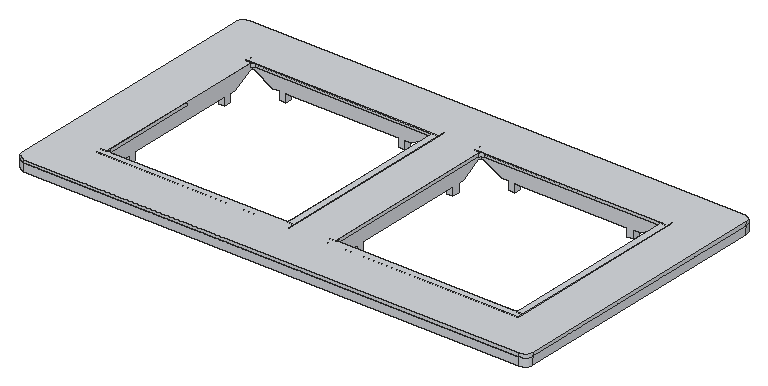
Revit family "Gira_0212255", category Electrical Fixtures, host Face, Revit 2017
Family settings
  Host = Face
  Maintain Annotation Orientation = No
  Round Connector Dimension = Use Diameter
  Part Type = Normal
  Cut with Voids When Loaded = No
  Shared = No
  Room Calculation Point = No
Parameters (values of type "Abdeckrahmen 2f flach Gira E2 F Alu")
  Werkstoffgüte = "Thermoplast"
  Werkstoff = "Kunststoff"
  URL = "http://katalog.gira.de/de_DE/datenblatt.html?artikelnr=0212255"
  Transparent = "No"
  Textfeld/Beschriftungsfläche = "No"
  Schutzart (IP) = "IP20"
  Region = "DE"
  Oberfläche = "sonstige"
  Name = "Abdeckrahmen 2f flach Gira E2 F Alu"
  Montagerichtung = "horizontal und vertikal"
  Mit Montagerahmen = "No"
  Mit Klappdeckel = "No"
  Manufacturer URL = "https://www.gira.de/"
  Keynote = "E2flach_Rahmen_2fach"
  HeinzeBIM = "https://bimportal.heinze.de/bim/abdeckrahmen-2f-flach-gira-e2-f-alu/f57590d5ea9ea23d14b149286f721556de40f322"
  Halogenfrei = "Yes"
  HAN = "0212255"
  Geeignet für Unterputz-Installation = "Yes"
  Geeignet für Unterflurkanaldose = "No"
  Geeignet für Geräteeinbaukanal = "No"
  Geeignet für Einbauinstallation = "No"
  GTIN = "4010337021339"
  Farbe = "aluminium"
  Default Elevation = 1219.2 mm
  Data sheet (1) = "https://katalog.gira.de/de_DE/download.html?artikelnr=0212255"
  Category = "Abdeckrahmen"
  Befestigungsart = "Klemmbefestigung"
  Available = "Yes"
  Anzahl der Einheiten vertikal = "2 "
  Anzahl der Einheiten horizontal = "2 "
  Anzahl der Einheiten = "2 "
Reference planes
  plane 1 "Center (Front/Back)": y = 0
  plane 2: z = 0
  plane 3 "Center (Left/Right)": x = 0
Forms (mm)
  Extrusion 1, solid, detail levels fine
    sketch origin (0, 0, 0) x (1, 0, 0) y (0, 1, 0)
      loop
        arc (-77, 43.9) -> (-78.768, 43.168) -> (-79.5, 41.4) r 2.5
        line (-79.5, 41.4) -> (-79.5, -41.4)
        arc (-79.5, -41.4) -> (-78.768, -43.168) -> (-77, -43.9) r 2.5
        line (-77, -43.9) -> (77, -43.9)
        arc (77, -43.9) -> (78.768, -43.168) -> (79.5, -41.4) r 2.5
        line (79.5, -41.4) -> (79.5, 41.4)
        arc (79.5, 41.4) -> (78.768, 43.168) -> (77, 43.9) r 2.5
        line (77, 43.9) -> (-77, 43.9)
      loop
        spline (-63.744, -27.245) -> (-63.736, -27.363) -> (-63.713, -27.478) -> (-63.675, -27.589) -> (-63.623, -27.695) -> (-63.558, -27.792) -> (-63.481, -27.881) -> (-63.392, -27.958) -> (-63.295, -28.023) -> (-63.189, -28.075) -> (-63.078, -28.113) -> (-62.963, -28.136) -> (-62.845, -28.144)
        line (-62.845, -28.144) -> (-8.355, -28.144)
        spline (-8.355, -28.144) -> (-8.237, -28.136) -> (-8.122, -28.113) -> (-8.011, -28.075) -> (-7.905, -28.023) -> (-7.808, -27.958) -> (-7.719, -27.881) -> (-7.642, -27.792) -> (-7.577, -27.695) -> (-7.525, -27.589) -> (-7.487, -27.478) -> (-7.464, -27.363) -> (-7.456, -27.245)
        line (-7.456, -27.245) -> (-7.456, 27.245)
        spline (-7.456, 27.245) -> (-7.464, 27.363) -> (-7.487, 27.478) -> (-7.525, 27.589) -> (-7.577, 27.695) -> (-7.642, 27.792) -> (-7.719, 27.881) -> (-7.808, 27.958) -> (-7.905, 28.023) -> (-8.011, 28.075) -> (-8.122, 28.113) -> (-8.237, 28.136) -> (-8.355, 28.144)
        line (-8.355, 28.144) -> (-62.845, 28.144)
        spline (-62.845, 28.144) -> (-62.963, 28.136) -> (-63.078, 28.113) -> (-63.189, 28.075) -> (-63.295, 28.023) -> (-63.392, 27.958) -> (-63.481, 27.881) -> (-63.558, 27.792) -> (-63.623, 27.695) -> (-63.675, 27.589) -> (-63.713, 27.478) -> (-63.736, 27.363) -> (-63.744, 27.245)
        line (-63.744, 27.245) -> (-63.744, -27.245)
      loop
        spline (62.845, -28.144) -> (62.963, -28.136) -> (63.078, -28.113) -> (63.189, -28.075) -> (63.295, -28.023) -> (63.392, -27.958) -> (63.481, -27.881) -> (63.558, -27.792) -> (63.623, -27.695) -> (63.675, -27.589) -> (63.713, -27.478) -> (63.736, -27.363) -> (63.744, -27.245)
        line (63.744, -27.245) -> (63.744, 27.245)
        spline (63.744, 27.245) -> (63.736, 27.363) -> (63.713, 27.478) -> (63.675, 27.589) -> (63.623, 27.695) -> (63.558, 27.792) -> (63.481, 27.881) -> (63.392, 27.958) -> (63.295, 28.023) -> (63.189, 28.075) -> (63.078, 28.113) -> (62.963, 28.136) -> (62.845, 28.144)
        line (62.845, 28.144) -> (8.355, 28.144)
        spline (8.355, 28.144) -> (8.237, 28.136) -> (8.122, 28.113) -> (8.011, 28.075) -> (7.905, 28.023) -> (7.808, 27.958) -> (7.719, 27.881) -> (7.642, 27.792) -> (7.577, 27.695) -> (7.525, 27.589) -> (7.487, 27.478) -> (7.464, 27.363) -> (7.456, 27.245)
        line (7.456, 27.245) -> (7.456, -27.245)
        spline (7.456, -27.245) -> (7.464, -27.363) -> (7.487, -27.478) -> (7.525, -27.589) -> (7.577, -27.695) -> (7.642, -27.792) -> (7.719, -27.881) -> (7.808, -27.958) -> (7.905, -28.023) -> (8.011, -28.075) -> (8.122, -28.113) -> (8.237, -28.136) -> (8.355, -28.144)
        line (8.355, -28.144) -> (62.845, -28.144)
    from 2.5 to 3.4
  Extrusion 2, solid, detail levels fine
    sketch origin (0, 0, 0) x (1, 0, 0) y (0, 1, 0)
      loop
        arc (-77, 43.9) -> (-78.768, 43.168) -> (-79.5, 41.4) r 2.5
        line (-79.5, 41.4) -> (-79.5, -41.4)
        arc (-79.5, -41.4) -> (-78.768, -43.168) -> (-77, -43.9) r 2.5
        line (-77, -43.9) -> (77, -43.9)
        arc (77, -43.9) -> (78.768, -43.168) -> (79.5, -41.4) r 2.5
        line (79.5, -41.4) -> (79.5, 41.4)
        arc (79.5, 41.4) -> (78.768, 43.168) -> (77, 43.9) r 2.5
        line (77, 43.9) -> (-77, 43.9)
      loop
        arc (-77, 43.4) -> (-78.414, 42.814) -> (-79, 41.4) r 2
        line (-79, 41.4) -> (-79, -41.4)
        arc (-79, -41.4) -> (-78.414, -42.814) -> (-77, -43.4) r 2
        line (-77, -43.4) -> (77, -43.4)
        arc (77, -43.4) -> (78.414, -42.814) -> (79, -41.4) r 2
        line (79, -41.4) -> (79, 41.4)
        arc (79, 41.4) -> (78.414, 42.814) -> (77, 43.4) r 2
        line (77, 43.4) -> (-77, 43.4)
    from 0 to 2.5
  Extrusion 3, solid, detail levels fine
    sketch origin (-35.6, 0, 0) x (1, 0, 0) y (0, 0, 1)
      loop
        line (-17.5, -4.06) -> (-17.5, -1.56) -> (17.5, -1.56) -> (17.5, -4.06) -> (19.5, -4.06) -> (19.5, -1.56) -> (21.654, -1.56) -> (27.214, 1.65) -> (30, 1.65) -> (30, 3.4) -> (-30, 3.4) -> (-30, 1.65) -> (-27.214, 1.65) -> (-21.654, -1.56) -> (-19.5, -1.56) -> (-19.5, -4.06) -> (-17.5, -4.06)
    from 28.144 to 30
  Extrusion 4, solid, detail levels fine
    sketch origin (-35.6, 0, 0) x (0, -1, 0) y (0, 0, -1)
      loop
        line (-17.5, 4.06) -> (-19.5, 4.06) -> (-19.5, 1.56) -> (-21.654, 1.56) -> (-27.214, -1.65) -> (-28.144, -1.65) -> (-28.144, -3.4) -> (28.144, -3.4) -> (28.144, -1.65) -> (27.214, -1.65) -> (21.654, 1.56) -> (19.5, 1.56) -> (19.5, 4.06) -> (17.5, 4.06) -> (17.5, 1.56) -> (-17.5, 1.56) -> (-17.5, 4.06)
    from 28.144 to 30
  Extrusion 5, solid, detail levels medium
    sketch origin (-35.6, 0, 0) x (0, -1, 0) y (0, 0, 1)
      loop
        line (-17.5, -4.06) -> (-17.5, -1.56) -> (17.5, -1.56) -> (17.5, -4.06) -> (19.5, -4.06) -> (19.5, -1.56) -> (28.144, -1.56) -> (28.144, 3.4) -> (-28.144, 3.4) -> (-28.144, -1.56) -> (-19.5, -1.56) -> (-19.5, -4.06) -> (-17.5, -4.06)
    from 28.144 to 30
  Extrusion 6, solid, detail levels fine
    sketch origin (-35.6, 0, 0) x (1, 0, 0) y (0, 0, -1)
      loop
        line (-17.5, 4.06) -> (-19.5, 4.06) -> (-19.5, 1.56) -> (-21.654, 1.56) -> (-27.214, -1.65) -> (-30, -1.65) -> (-30, -3.4) -> (30, -3.4) -> (30, -1.65) -> (27.214, -1.65) -> (21.654, 1.56) -> (19.5, 1.56) -> (19.5, 4.06) -> (17.5, 4.06) -> (17.5, 1.56) -> (-17.5, 1.56) -> (-17.5, 4.06)
    from 28.144 to 30
  Extrusion 7, solid, detail levels coarse
    sketch origin (0, 0, 0) x (1, 0, 0) y (0, 1, 0)
      loop
        line (-79.5, 43.9) -> (-79.5, -43.9) -> (79.5, -43.9) -> (79.5, 43.9) -> (-79.5, 43.9)
    from -4.06 to 3.4
  Extrusion 8, solid, detail levels medium
    sketch origin (0, 0, 0) x (1, 0, 0) y (0, 1, 0)
      loop
        line (-79.5, 43.9) -> (-79.5, -43.9) -> (79.5, -43.9) -> (79.5, 43.9) -> (-79.5, 43.9)
    from 0 to 3.4
  Extrusion 9, solid, detail levels medium
    sketch origin (-35.6, 0, 0) x (1, 0, 0) y (0, 0, 1)
      loop
        line (-17.5, -4.06) -> (-17.5, -1.56) -> (17.5, -1.56) -> (17.5, -4.06) -> (19.5, -4.06) -> (19.5, -1.56) -> (30, -1.56) -> (30, 3.4) -> (-30, 3.4) -> (-30, -1.56) -> (-19.5, -1.56) -> (-19.5, -4.06) -> (-17.5, -4.06)
    from 28.144 to 30
  Extrusion 10, solid, detail levels medium
    sketch origin (-35.6, 0, 0) x (1, 0, 0) y (0, 0, -1)
      loop
        line (-17.5, 4.06) -> (-19.5, 4.06) -> (-19.5, 1.56) -> (-30, 1.56) -> (-30, -3.4) -> (30, -3.4) -> (30, 1.56) -> (19.5, 1.56) -> (19.5, 4.06) -> (17.5, 4.06) -> (17.5, 1.56) -> (-17.5, 1.56) -> (-17.5, 4.06)
    from 28.144 to 30
  Extrusion 11, solid, detail levels medium
    sketch origin (-35.6, 0, 0) x (0, -1, 0) y (0, 0, -1)
      loop
        line (-17.5, 4.06) -> (-19.5, 4.06) -> (-19.5, 1.56) -> (-28.144, 1.56) -> (-28.144, -3.4) -> (28.144, -3.4) -> (28.144, 1.56) -> (19.5, 1.56) -> (19.5, 4.06) -> (17.5, 4.06) -> (17.5, 1.56) -> (-17.5, 1.56) -> (-17.5, 4.06)
    from 28.144 to 30
  Extrusion 12, solid, detail levels fine
    sketch origin (35.6, 0, 0) x (-1, 0, 0) y (0, 0, -1)
      loop
        line (-17.5, 4.06) -> (-19.5, 4.06) -> (-19.5, 1.56) -> (-21.654, 1.56) -> (-27.214, -1.65) -> (-30, -1.65) -> (-30, -3.4) -> (30, -3.4) -> (30, -1.65) -> (27.214, -1.65) -> (21.654, 1.56) -> (19.5, 1.56) -> (19.5, 4.06) -> (17.5, 4.06) -> (17.5, 1.56) -> (-17.5, 1.56) -> (-17.5, 4.06)
    from 28.144 to 30
  Extrusion 13, solid, detail levels fine
    sketch origin (35.6, 0, 0) x (0, -1, 0) y (0, 0, 1)
      loop
        line (-17.5, -4.06) -> (-17.5, -1.56) -> (17.5, -1.56) -> (17.5, -4.06) -> (19.5, -4.06) -> (19.5, -1.56) -> (21.654, -1.56) -> (27.214, 1.65) -> (28.144, 1.65) -> (28.144, 3.4) -> (-28.144, 3.4) -> (-28.144, 1.65) -> (-27.214, 1.65) -> (-21.654, -1.56) -> (-19.5, -1.56) -> (-19.5, -4.06) -> (-17.5, -4.06)
    from 28.144 to 30
  Extrusion 14, solid, detail levels medium
    sketch origin (35.6, 0, 0) x (0, -1, 0) y (0, 0, -1)
      loop
        line (-17.5, 4.06) -> (-19.5, 4.06) -> (-19.5, 1.56) -> (-28.144, 1.56) -> (-28.144, -3.4) -> (28.144, -3.4) -> (28.144, 1.56) -> (19.5, 1.56) -> (19.5, 4.06) -> (17.5, 4.06) -> (17.5, 1.56) -> (-17.5, 1.56) -> (-17.5, 4.06)
    from 28.144 to 30
  Extrusion 15, solid, detail levels fine
    sketch origin (35.6, 0, 0) x (-1, 0, 0) y (0, 0, 1)
      loop
        line (-17.5, -4.06) -> (-17.5, -1.56) -> (17.5, -1.56) -> (17.5, -4.06) -> (19.5, -4.06) -> (19.5, -1.56) -> (21.654, -1.56) -> (27.214, 1.65) -> (30, 1.65) -> (30, 3.4) -> (-30, 3.4) -> (-30, 1.65) -> (-27.214, 1.65) -> (-21.654, -1.56) -> (-19.5, -1.56) -> (-19.5, -4.06) -> (-17.5, -4.06)
    from 28.144 to 30
  Extrusion 16, solid, detail levels medium
    sketch origin (35.6, 0, 0) x (-1, 0, 0) y (0, 0, -1)
      loop
        line (-17.5, 4.06) -> (-19.5, 4.06) -> (-19.5, 1.56) -> (-30, 1.56) -> (-30, -3.4) -> (30, -3.4) -> (30, 1.56) -> (19.5, 1.56) -> (19.5, 4.06) -> (17.5, 4.06) -> (17.5, 1.56) -> (-17.5, 1.56) -> (-17.5, 4.06)
    from 28.144 to 30
  Extrusion 17, solid, detail levels medium
    sketch origin (35.6, 0, 0) x (-1, 0, 0) y (0, 0, 1)
      loop
        line (-17.5, -4.06) -> (-17.5, -1.56) -> (17.5, -1.56) -> (17.5, -4.06) -> (19.5, -4.06) -> (19.5, -1.56) -> (30, -1.56) -> (30, 3.4) -> (-30, 3.4) -> (-30, -1.56) -> (-19.5, -1.56) -> (-19.5, -4.06) -> (-17.5, -4.06)
    from 28.144 to 30
  Extrusion 18, solid, detail levels medium
    sketch origin (35.6, 0, 0) x (0, -1, 0) y (0, 0, 1)
      loop
        line (-17.5, -4.06) -> (-17.5, -1.56) -> (17.5, -1.56) -> (17.5, -4.06) -> (19.5, -4.06) -> (19.5, -1.56) -> (28.144, -1.56) -> (28.144, 3.4) -> (-28.144, 3.4) -> (-28.144, -1.56) -> (-19.5, -1.56) -> (-19.5, -4.06) -> (-17.5, -4.06)
    from 28.144 to 30
  Extrusion 19, solid, detail levels fine
    sketch origin (-93.744, 0, 0) x (0, -1, 0) y (0, 0, -1)
      loop
        line (-17.5, 4.06) -> (-19.5, 4.06) -> (-19.5, 1.56) -> (-21.654, 1.56) -> (-27.214, -1.65) -> (-28.144, -1.65) -> (-28.144, -3.4) -> (28.144, -3.4) -> (28.144, -1.65) -> (27.214, -1.65) -> (21.654, 1.56) -> (19.5, 1.56) -> (19.5, 4.06) -> (17.5, 4.06) -> (17.5, 1.56) -> (-17.5, 1.56) -> (-17.5, 4.06)
    from 28.144 to 30
  Extrusion 20, solid, detail levels fine
    sketch origin (93.744, 0, 0) x (0, -1, 0) y (0, 0, 1)
      loop
        line (-17.5, -4.06) -> (-17.5, -1.56) -> (17.5, -1.56) -> (17.5, -4.06) -> (19.5, -4.06) -> (19.5, -1.56) -> (21.654, -1.56) -> (27.214, 1.65) -> (28.144, 1.65) -> (28.144, 3.4) -> (-28.144, 3.4) -> (-28.144, 1.65) -> (-27.214, 1.65) -> (-21.654, -1.56) -> (-19.5, -1.56) -> (-19.5, -4.06) -> (-17.5, -4.06)
    from 28.144 to 30
Dimensions and locks
  aligned and locked: plane 2 to host face
  aligned and locked: level to host face
